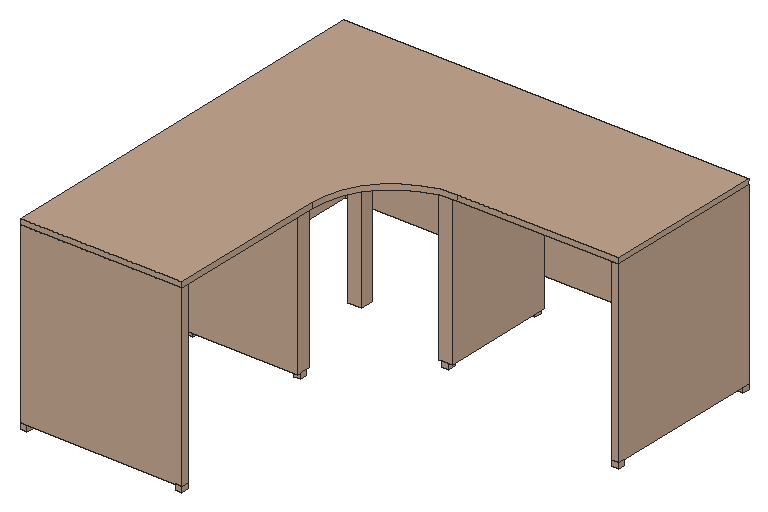
Revit family
Parameters (values of type "1500 x 600 mm")
  Width = 600 mm
  Table Material = Wood
  Length = 1500 mm
  Height = 700 mm
Reference planes
  plane 1 "Center (Front/Back)": y = 0
  plane 2: z = 0
  plane 3 "Center (Left/Right)": x = 0
  plane 4: y = 300
  plane 5: y = -300
  plane 6: x = -300
  plane 7: x = 300
  plane 8: z = 700
  plane 9: x = 1200
  plane 10: y = -1200
Forms (mm)
  Extrusion 1, solid, material "Wood" <- "Table Material"
    sketch origin (0, 0, 700) x (-1, 0, 0) y (0, -1, 0)
      loop
        line (300, -300) -> (300, 1200) -> (-300, 1200) -> (-300, 600)
        arc (-300, 600) -> (-387.868, 387.868) -> (-600, 300) r 300
        line (-600, 300) -> (-1200, 300) -> (-1200, -300) -> (300, -300)
    from 0 to -20
  Extrusion 2, solid, material "Wood" <- "Table Material"
    sketch origin (0, 0, 0) x (1, 0, 0) y (0, 1, 0)
      loop
        line (-300, -1175) -> (-275, -1175) -> (-275, 275) -> (1175, 275) -> (1175, 300) -> (-300, 300) -> (-300, -1175)
    from 130 to 680
  Extrusion 3, solid, material "Wood" <- "Table Material"
    sketch origin (0, 0, 0) x (1, 0, 0) y (0, 1, 0)
      loop
        line (-300, -1175) -> (-300, -1200) -> (-274.983, -1200) -> (-274.983, -1175) -> (-300, -1175)
      loop
        line (1175, 300) -> (1175, 275) -> (1200, 275) -> (1200, 300) -> (1175, 300)
      loop
        line (274.983, -1175) -> (274.983, -1200) -> (300, -1200) -> (300, -1175) -> (274.983, -1175)
      loop
        line (1175, -275) -> (1175, -300) -> (1200, -300) -> (1200, -275) -> (1175, -275)
    from 0 to 20
  Extrusion 4, solid, material "Wood" <- "Table Material"
    sketch origin (0, 0, 0) x (1, 0, 0) y (0, 1, 0)
      loop
        line (-275, -425) -> (-275, -475) -> (150, -475) -> (150, -425) -> (-275, -425)
      loop
        line (462.5, 275) -> (412.5, 275) -> (412.5, -150) -> (462.5, -150) -> (462.5, 275)
    from 20 to 680
  Extrusion 5, solid, material "Wood" <- "Table Material"
    sketch origin (0, 0, 0) x (1, 0, 0) y (0, 1, 0)
      loop
        line (124.983, -437.5) -> (124.983, -462.5) -> (150, -462.5) -> (150, -437.5) -> (124.983, -437.5)
      loop
        line (-249.983, -437.5) -> (-275, -437.5) -> (-275, -462.5) -> (-249.983, -462.5) -> (-249.983, -437.5)
    from 0 to 20
  Extrusion 6, solid, material "Wood" <- "Table Material"
    sketch origin (0, 0, 0) x (1, 0, 0) y (0, 1, 0)
      loop
        line (425, -125) -> (425, -150) -> (450, -150) -> (450, -125) -> (425, -125)
      loop
        line (425, 275) -> (425, 250) -> (450, 250) -> (450, 275) -> (425, 275)
    from 0 to 20
  Extrusion 7, solid, material "Wood" <- "Table Material"
    sketch origin (0, 0, 0) x (1, 0, 0) y (0, 1, 0)
      loop
        line (-25, 25) -> (-25, -25) -> (25, -25) -> (25, 25) -> (-25, 25)
    from 0 to 680
  Extrusion 8, solid, material "Wood" <- "Table Material"
    sketch origin (0, 0, 0) x (1, 0, 0) y (0, 1, 0)
      loop
        line (-300, -1175) -> (-300, -1200) -> (300, -1200) -> (300, -1175) -> (-300, -1175)
    from 20 to 680
  Extrusion 9, solid, material "Wood" <- "Table Material"
    sketch origin (0, 0, 0) x (1, 0, 0) y (0, 1, 0)
      loop
        line (1200, -300) -> (1200, 300) -> (1175, 300) -> (1175, -300) -> (1200, -300)
    from 20 to 680
Lines and regions (mm)
  Masking region 1
    outline origin (0, 0, 0) x (1, 0, 0) y (0, 1, 0)
      loop
        line (1200, 300) -> (-300, 300) -> (-300, -1200) -> (300, -1200) -> (300, -600)
        arc (300, -600) -> (387.868, -387.868) -> (600, -300) r 300
        line (600, -300) -> (1200, -300) -> (1200, 300)
  symbolic lines
    curve 1: line (-300, 300, 0) -> (-300, -1200, 0)
    curve 2: line (1200, 300, 0) -> (-300, 300, 0)
    curve 3: line (1200, -300, 0) -> (1200, 300, 0)
    curve 4: line (600, -300, 0) -> (1200, -300, 0)
    curve 5: arc (300, -600, 0) -> (387.868, -387.868, 0) -> (600, -300, 0) r 300
    curve 6: line (300, -1200, 0) -> (300, -600, 0)
    curve 7: line (-300, -1200, 0) -> (300, -1200, 0)
Dimensions and locks
  equal spacing: plane 6, plane 3 "Center (Left/Right)", plane 7
  "Width": plane 6 to plane 7
  equal spacing: plane 5, plane 1 "Center (Front/Back)", plane 4
  "Width": plane 5 to plane 4
  "Length": plane 6 to plane 9
  "Length": plane 10 to plane 4
  "Height": plane 8 to level
  aligned and locked: plane 6 to Extrusion 1 sketch curve
  aligned and locked: Extrusion 1 sketch curve to plane 9
  aligned and locked: Extrusion 1 sketch curve to plane 4
  aligned and locked: Extrusion 4 to Extrusion 1
  aligned and locked: Extrusion 2 to Extrusion 3  (x2)
  aligned and locked: Extrusion 3 to Extrusion 2
  aligned and locked: Extrusion 7 to Extrusion 1
  aligned and locked: Extrusion 2 to Extrusion 8 sketch curve
  aligned and locked: Extrusion 8 sketch curve to Extrusion 3
  aligned and locked: Extrusion 1 to Extrusion 8 sketch curve
  aligned and locked: Extrusion 8 sketch curve to Extrusion 1
  aligned and locked: Extrusion 8 to Extrusion 1
  aligned and locked: Extrusion 8 to Extrusion 3
  aligned and locked: Extrusion 2 to Extrusion 1
  aligned and locked: Extrusion 9 sketch curve to Extrusion 1  (x2)
  aligned and locked: Extrusion 9 sketch curve to Extrusion 2  (x2)
  aligned and locked: Extrusion 9 to Extrusion 1
  aligned and locked: Extrusion 9 to Extrusion 3
  aligned and locked: curve 1 to Extrusion 1
  aligned and locked: curve 2 to Extrusion 1
  aligned and locked: curve 3 to Extrusion 1
  aligned and locked: curve 5 to Extrusion 1
  aligned and locked: curve 7 to Extrusion 1
  aligned and locked: Masking region 1 sketch curve to curve 2
  aligned and locked: Masking region 1 sketch curve to Extrusion 1  (x5)
Automatic sketch dimensions
  Extrusion 1 sketch curve to plane 7 = 0 mm
  Extrusion 1 sketch curve to plane 10 = 0 mm
  Extrusion 1 sketch curve to plane 5 = 0 mm
  plane 5 to Extrusion 1 sketch curve = 300 mm
  Extrusion 2 sketch curve to plane 4 = 0 mm
  Extrusion 2 sketch curve to plane 6 = 0 mm
  plane 6 to Extrusion 2 sketch curve = 25 mm
  Extrusion 2 sketch curve to plane 9 = 25 mm
  Extrusion 2 sketch curve to Extrusion 2 sketch curve = 25 mm
  plane 10 to Extrusion 2 sketch curve = 25 mm
  Extrusion 3 sketch curve to plane 6 = 0 mm
  Extrusion 3 sketch curve to plane 10 = 0 mm  (x2)
  Extrusion 3 sketch curve to plane 7 = 0 mm
  Extrusion 3 sketch curve to plane 4 = 0 mm
  Extrusion 3 sketch curve to plane 5 = 0 mm
  Extrusion 3 sketch curve to plane 9 = 0 mm  (x2)
  Extrusion 3 sketch curve to Extrusion 3 sketch curve = 25.017 mm
  Extrusion 3 sketch curve to plane 7 = 25.017 mm
  Extrusion 3 sketch curve to plane 9 = 25 mm  (x2)
  plane 10 to Extrusion 3 sketch curve = 25 mm  (x2)
  Extrusion 3 sketch curve to plane 5 = 25 mm
  Extrusion 3 sketch curve to Extrusion 3 sketch curve = 25 mm
  plane 6 to Extrusion 4 sketch curve = 25 mm
  plane 3 "Center (Left/Right)" to Extrusion 4 sketch curve = 150 mm
  plane 7 to Extrusion 4 sketch curve = 112.5 mm
  Extrusion 4 sketch curve to Extrusion 4 sketch curve = 50 mm  (x2)
  plane 5 to Extrusion 4 sketch curve = 175 mm
  plane 1 "Center (Front/Back)" to Extrusion 4 sketch curve = 150 mm
  plane 4 to Extrusion 4 sketch curve = 25 mm
  plane 6 to Extrusion 5 sketch curve = 25 mm
  Extrusion 5 sketch curve to Extrusion 5 sketch curve = 25.017 mm  (x2)
  plane 3 "Center (Left/Right)" to Extrusion 5 sketch curve = 124.983 mm
  plane 5 to Extrusion 5 sketch curve = 162.5 mm  (x2)
  Extrusion 5 sketch curve to Extrusion 5 sketch curve = 25 mm  (x2)
  plane 4 to Extrusion 6 sketch curve = 25 mm
  plane 7 to Extrusion 6 sketch curve = 125 mm  (x2)
  Extrusion 6 sketch curve to Extrusion 6 sketch curve = 25 mm  (x4)
  plane 1 "Center (Front/Back)" to Extrusion 6 sketch curve = 125 mm
  Extrusion 7 sketch curve to plane 3 "Center (Left/Right)" = 25 mm
  Extrusion 7 sketch curve to plane 1 "Center (Front/Back)" = 25 mm
  plane 3 "Center (Left/Right)" to Extrusion 7 sketch curve = 25 mm
  plane 1 "Center (Front/Back)" to Extrusion 7 sketch curve = 25 mm
